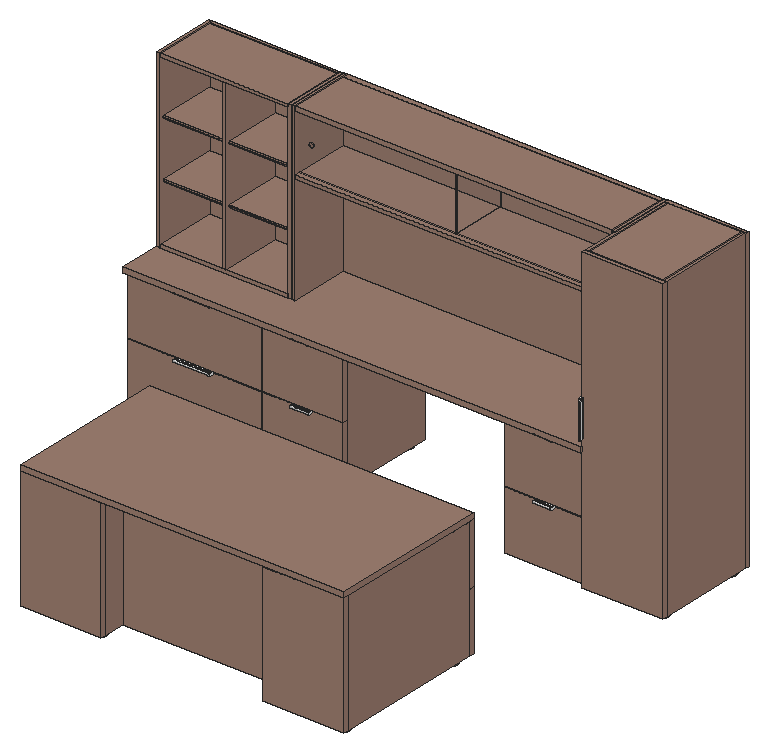
Revit family "APTOS TYPICAL APTOS001", category Furniture, Revit 2013 (continued)
Definition of nested family "APTOS WORKSURFACE HEIGHT MODULAR PEDESTAL FILE-FILE 15-18IN"
  Parameters (values of type "APTOS WORKSURFACE HEIGHT MODULAR PEDESTAL FILE-FILE 18W x 24D")
    Description = "APTOS WORKSURFACE HEIGHT MODULAR PEDESTAL FILE-FILE 18\" Width, 24\" Depth, Two File Drawers"
    Copyright © = "© OFS BRANDS 2017"
    Catalog = "APTOS http://ofsbrands.com/products/casegoods/private-office/aptos"
    Bottom Board Offset = 1 1/2"
    Board Thick Bot = 1"
    Board Thick Shelfs = 1"
    Board Thick Sides = 3/4"
    Board Thick Front = 3/4"
    Board Thick Back = 3/4"
    Authoring Version = "Autodesk Revit Architecture 2013"
    Assembly Code = "E2020200"
  Types (3): name | Width | Model | Description
    (no name) | 18" | "34-W1824MPD3" | "APTOS WORKSURFACE HEIGHT MODULAR PEDESTAL FILE-FILE 18\" Width, 24\" Depth, Two File Drawers"
    APTOS WORKSURFACE HEIGHT MODULAR PEDESTAL FILE-FILE 15W x 24D | 15" | "34-W1524MPD3" | "APTOS WORKSURFACE HEIGHT MODULAR PEDESTAL FILE-FILE 15\" Width, 24\" Depth, Two File Drawers"
    APTOS WORKSURFACE HEIGHT MODULAR PEDESTAL FILE-FILE 18W x 24D | 18" | "34-W1824MPD3" | "APTOS WORKSURFACE HEIGHT MODULAR PEDESTAL FILE-FILE 18\" Width, 24\" Depth, Two File Drawers"
  Reference planes (in)
    plane 1 "Center Front/Back": y = 0
    plane 2: z = 0
    plane 3 "Center Left/Right": x = 0
    plane 4 "Left End": x = -9
    plane 5 "Front End": y = -21.5
    plane 6 "Right End": x = 9
    plane 7 "Back End": y = 0
    plane 8: x = -8.25
    plane 9: x = 8.25
    plane 10: z = 14.6875
    plane 11: z = 15.6875
    plane 12: z = 1.5
    plane 13: z = 2.5
    plane 14: y = -20.75
    plane 15: y = -2
    plane 16: y = -2
    plane 17: y = -19.5
    plane 18: y = -19.5
    plane 19: x = -7
    plane 20: x = 7
    plane 21: x = 7
    plane 22: x = -7
    plane 23: y = -22.625
    plane 24: z = 14.8125
    plane 25: x = -2.0625
    plane 26: x = 2.0625
    plane 27: y = -0.75
    plane 28: z = 28.3125
    plane 29: z = 27.5625
  Forms (in)
    Extrusion 1, solid, material "OFS BRANDS APTOS Board Material" <- "Board Material"
      sketch origin (0, 0, 0) x (1, 0, 0) y (0, 1, 0)
        loop
          line (-9, 0) -> (-9, -21.5) -> (-8.25, -21.5) -> (-8.25, 0) -> (-9, 0)
      from 1.5 to 28.3125
    Extrusion 2, solid, material "OFS BRANDS APTOS Board Material" <- "Board Material"
      sketch origin (0, 0, 0) x (-1, 0, 0) y (0, -1, 0)
        loop
          line (-9, 0) -> (-8.25, 0) -> (-8.25, 21.5) -> (-9, 21.5) -> (-9, 0)
      from 1.5 to 28.3125
    Extrusion 3, solid, material "OFS BRANDS APTOS Board Material" <- "Board Material"
      sketch origin (0, 0, 0) x (1, 0, 0) y (0, 1, 0)
        loop
          line (-8.25, 0) -> (-8.25, -21.5) -> (8.25, -21.5) -> (8.25, 0) -> (-8.25, 0)
      from 1.5 to 2.5
    Revolve 4, solid, material "OFS BRANDS APTOS Leg Caps Material" <- "Leg Caps Material"
      sketch origin (0, -2, 0) x (-1, 0, 0) y (0, 0, 1)
        loop
          line (6, 0.28743) -> (6.5, 0.28743)
          arc (6.5, 0.28743) -> (6.35629, 0.14371) -> (6.5, 0) r 0.14371
          line (6.5, 0) -> (7, 0) -> (7, 1.5) -> (6, 1.5) -> (6, 0.28743)
        axis (7, 1.5) -> (7, 0)
      angle from 0 to 360
    Revolve 5, solid, material "OFS BRANDS APTOS Leg Caps Material" <- "Leg Caps Material"
      sketch origin (0, -2, 0) x (1, 0, 0) y (0, 0, -1)
        loop
          line (6, -0.28743) -> (6, -1.5) -> (7, -1.5) -> (7, 0) -> (6.5, 0)
          arc (6.5, 0) -> (6.35629, -0.14371) -> (6.5, -0.28743) r 0.14371
          line (6.5, -0.28743) -> (6, -0.28743)
        axis (7, -1.5) -> (7, 0)
      angle from 0 to 360
    Revolve 6, solid, material "OFS BRANDS APTOS Leg Caps Material" <- "Leg Caps Material"
      sketch origin (0, -19.5, 0) x (-1, 0, 0) y (0, 0, -1)
        loop
          line (6, -0.28743) -> (6, -1.5) -> (7, -1.5) -> (7, 0) -> (6.5, 0)
          arc (6.5, 0) -> (6.35629, -0.14371) -> (6.5, -0.28743) r 0.14371
          line (6.5, -0.28743) -> (6, -0.28743)
        axis (7, -1.5) -> (7, 0)
      angle from 0 to 360
    Revolve 7, solid, material "OFS BRANDS APTOS Leg Caps Material" <- "Leg Caps Material"
      sketch origin (0, -19.5, 0) x (1, 0, 0) y (0, 0, 1)
        loop
          line (6, 0.28743) -> (6.5, 0.28743)
          arc (6.5, 0.28743) -> (6.35629, 0.14371) -> (6.5, 0) r 0.14371
          line (6.5, 0) -> (7, 0) -> (7, 1.5) -> (6, 1.5) -> (6, 0.28743)
        axis (7, 1.5) -> (7, 0)
      angle from 0 to 360
    Extrusion 8, solid, material "OFS BRANDS APTOS Board Material" <- "Board Material"
      sketch origin (0, 27.875, 0) x (1, 0, 0) y (0, 1, 0)
        loop
          line (-8.25, -27.875) -> (-8.25, -28.625) -> (8.25, -28.625) -> (8.25, -27.875) -> (-8.25, -27.875)
      from 20.312 to 24.312
    Extrusion 9, solid, material "OFS BRANDS APTOS Board Material" <- "Board Material"
      sketch origin (0, 0, 0) x (1, 0, 0) y (0, 1, 0)
        loop
          line (9, -21.5) -> (-9, -21.5) -> (-9, -22.625) -> (9, -22.625) -> (9, -21.5)
      from 1.5 to 14.6875
    Extrusion 10, solid, material "OFS BRANDS APTOS Board Material" <- "Board Material"
      sketch origin (0, 0, 0) x (1, 0, 0) y (0, 1, 0)
        loop
          line (9, -21.5) -> (-9, -21.5) -> (-9, -22.625) -> (9, -22.625) -> (9, -21.5)
      from 14.8125 to 28.3125
    Extrusion 11, solid, material "OFS BRANDS APTOS Door Handle Material" <- "Door Handle Material"
      sketch origin (0, 7.01942, -2.70267) x (0, 1, 0) y (0, 0, 1)
        loop
          arc (-30.44863, 17.3872) -> (-30.63506, 17.20076) -> (-30.44863, 17.01433) r 0.18644
          arc (-30.44863, 17.01433) -> (-30.36853, 17.01913) -> (-30.28958, 17.03348) r 0.66994
          arc (-30.28958, 17.03348) -> (-30.06675, 17.06125) -> (-29.84329, 17.03915) r 1.01098
          arc (-29.84329, 17.03915) -> (-29.74439, 17.02301) -> (-29.64442, 17.01609) r 1.08212
          line (-29.64442, 17.01609) -> (-29.64442, 17.39017)
          arc (-29.64442, 17.39017) -> (-29.74475, 17.37561) -> (-29.84329, 17.35174) r 1.08374
          arc (-29.84329, 17.35174) -> (-30.06697, 17.32316) -> (-30.28958, 17.35914) r 0.78757
          arc (-30.28958, 17.35914) -> (-30.36779, 17.38063) -> (-30.44863, 17.3872) r 0.43385
      from -2.0625 to 2.0625
    Extrusion 12, solid, material "OFS BRANDS APTOS Board Material" <- "Board Material"
      sketch origin (0, 0.67064, 0) x (1, 0, 0) y (0, 1, 0)
        loop
          line (-8.25, -1.85814) -> (-8.25, -5.85814) -> (8.25, -5.85814) -> (8.25, -1.85814) -> (-8.25, -1.85814)
      from 28.3125 to 27.5625
    Extrusion 13, solid, material "OFS BRANDS APTOS Door Handle Material" <- "Door Handle Material"
      sketch origin (0, 7.01942, 3.84921) x (0, 1, 0) y (0, 0, 1)
        loop
          arc (-30.44863, 24.46032) -> (-30.63506, 24.27389) -> (-30.44863, 24.08745) r 0.18644
          arc (-30.44863, 24.08745) -> (-30.36853, 24.09226) -> (-30.28958, 24.1066) r 0.66994
          arc (-30.28958, 24.1066) -> (-30.06675, 24.13437) -> (-29.84329, 24.11227) r 1.01098
          arc (-29.84329, 24.11227) -> (-29.74439, 24.09613) -> (-29.64442, 24.08921) r 1.08212
          line (-29.64442, 24.08921) -> (-29.64442, 24.46329)
          arc (-29.64442, 24.46329) -> (-29.74475, 24.44873) -> (-29.84329, 24.42486) r 1.08374
          arc (-29.84329, 24.42486) -> (-30.06697, 24.39628) -> (-30.28958, 24.43226) r 0.78757
          arc (-30.28958, 24.43226) -> (-30.36779, 24.45376) -> (-30.44863, 24.46032) r 0.43385
      from -2.0625 to 2.0625
    Extrusion 14, solid, material "OFS BRANDS APTOS Board Material" <- "Board Material"
      sketch origin (0, -19.875, 0) x (1, 0, 0) y (0, 1, 0)
        loop
          line (-8.25, 4.75) -> (-8.25, 0.7511) -> (8.25, 0.7511) -> (8.25, 4.75) -> (-8.25, 4.75)
      from 28.3125 to 27.5625
    Extrusion 15, solid, material "OFS BRANDS APTOS Board Material" <- "Board Material"
      sketch origin (0, 27.875, -13.875) x (1, 0, 0) y (0, 1, 0)
        loop
          line (-8.25, -27.875) -> (-8.25, -28.625) -> (8.25, -28.625) -> (8.25, -27.875) -> (-8.25, -27.875)
      from 20.312 to 24.312
  Dimensions and locks (in)
    equal spacing: plane 4 "Left End", plane 3 "Center Left/Right", plane 6 "Right End"
    "Width": plane 4 "Left End" to plane 6 "Right End"
    "Height": plane 28 to level
    "Board Thick Sides": plane 4 "Left End" to plane 8
    "Board Thick Sides": plane 9 to plane 6 "Right End"
    "Board Thick Shelfs": plane 11 to plane 10
    "Board Thick Bot": plane 13 to plane 12
    "Bottom Board Offset": plane 12 to level
    "Board Thick Front": plane 14 to plane 5 "Front End"
    "Leg Offset": plane 17 to plane 5 "Front End"
    "Leg Offset": plane 18 to plane 5 "Front End"
    "Leg Offset": plane 15 to plane 7 "Back End"
    "Leg Offset": plane 16 to plane 7 "Back End"
    "Leg Offset": plane 4 "Left End" to plane 19
    "Leg Offset": plane 20 to plane 6 "Right End"
    "Leg Offset": plane 21 to plane 6 "Right End"
    "Leg Offset": plane 4 "Left End" to plane 22
    "Board Thick Door": plane 23 to plane 5 "Front End"
    "Shelf Height": plane 11 to plane 13
    "Drawer Gap": plane 24 to plane 10
    "Handle Lengh": plane 25 to plane 26
    "Board Thick Back": plane 27 to plane 1 "Center Front/Back"
    "Depth": plane 23 to plane 1 "Center Front/Back"
    equal spacing: plane 25, plane 3 "Center Left/Right", plane 26
    "Board Thick Top": plane 28 to plane 29
    aligned and locked: level to plane 2
    aligned and locked: plane 5 "Front End" to Extrusion 1 sketch curve
    aligned and locked: plane 4 "Left End" to Extrusion 1 sketch curve
    aligned and locked: Extrusion 1 sketch curve to plane 8
    aligned and locked: Extrusion 2 to plane 5 "Front End"
    aligned and locked: plane 9 to Extrusion 2
    aligned and locked: Extrusion 2 to plane 6 "Right End"
    aligned and locked: Extrusion 2 to plane 12
    aligned and locked: plane 9 to Extrusion 3 sketch curve
    aligned and locked: Extrusion 3 sketch curve to plane 8
    aligned and locked: Revolve 4 to plane 16
    aligned and locked: plane 15 to Revolve 5
    aligned and locked: Revolve 7 to plane 18
    aligned and locked: plane 17 to Revolve 6
    aligned and locked: plane 13 to Extrusion 3
    aligned and locked: Extrusion 3 to plane 12
    aligned and locked: Extrusion 9 to plane 12
    aligned and locked: Extrusion 9 to plane 6 "Right End"
    aligned and locked: Extrusion 10 to plane 6 "Right End"
    aligned and locked: plane 10 to Extrusion 9
    aligned and locked: Extrusion 10 to plane 24
    aligned and locked: Extrusion 11 to plane 26
    aligned and locked: Extrusion 11 to plane 25
    aligned and locked: Extrusion 8 to plane 27
    aligned and locked: Extrusion 8 to plane 1 "Center Front/Back"
    aligned and locked: Extrusion 1 to plane 12
    aligned and locked: Extrusion 10 to plane 4 "Left End"
    aligned and locked: Extrusion 9 to plane 4 "Left End"
    aligned and locked: plane 28 to Extrusion 2
    aligned and locked: plane 28 to Extrusion 1
    aligned and locked: plane 28 to Extrusion 10
    aligned and locked: plane 25 to Extrusion 13
    aligned and locked: Extrusion 13 to plane 26
    aligned and locked: Extrusion 1 to plane 7 "Back End"
    aligned and locked: Extrusion 2 to plane 7 "Back End"
    aligned and locked: Extrusion 3 to plane 7 "Back End"
    aligned and locked: Extrusion 8 to plane 8
    aligned and locked: Extrusion 8 to plane 9
  Automatic sketch dimensions
    plane 1 "Center Front/Back" to Extrusion 1 sketch curve = 0"
    Extrusion 2 sketch curve to plane 5 "Front End" = 0"
    Extrusion 2 sketch curve to plane 6 "Right End" = 0"
    Extrusion 2 sketch curve to plane 9 = 0"
    plane 1 "Center Front/Back" to Extrusion 2 sketch curve = 0"
    Extrusion 3 sketch curve to plane 5 "Front End" = 0"
    plane 1 "Center Front/Back" to Extrusion 3 sketch curve = 0"
    Revolve 4 sketch curve to plane 12 = 0"
    Revolve 4 sketch curve to level = 0"
    plane 19 to Revolve 4 sketch curve = 0"  (x2)
    level to Revolve 4 sketch curve = 0.28743"
    Revolve 4 sketch curve to plane 19 = 1/2"
    Revolve 4 sketch curve to Revolve 4 sketch curve = 1/2"  (x2)
    Revolve 4 sketch curve to Revolve 4 sketch curve = 0"
    level to Revolve 4 sketch curve = 0.14371"
    Revolve 4 sketch curve to plane 13 = 1/4"
    Revolve 5 sketch curve to plane 12 = 0"
    Revolve 5 sketch curve to level = 0"
    Revolve 5 sketch curve to plane 20 = 0"  (x2)
    level to Revolve 5 sketch curve = 0.28743"
    Revolve 5 sketch curve to Revolve 5 sketch curve = 1/2"  (x3)
    Revolve 5 sketch curve to Revolve 5 sketch curve = 0"  (x2)
    Revolve 5 sketch curve to plane 13 = 1/4"
    Revolve 6 sketch curve to plane 12 = 0"
    Revolve 6 sketch curve to level = 0"
    plane 19 to Revolve 6 sketch curve = 0"  (x2)
    level to Revolve 6 sketch curve = 0.28743"
    Revolve 6 sketch curve to plane 19 = 1/2"
    Revolve 6 sketch curve to Revolve 6 sketch curve = 1/2"  (x2)
    Revolve 6 sketch curve to Revolve 6 sketch curve = 0"  (x2)
    Revolve 6 sketch curve to plane 13 = 1/4"
    Revolve 7 sketch curve to plane 12 = 0"
    Revolve 7 sketch curve to level = 0"
    Revolve 7 sketch curve to plane 20 = 0"  (x2)
    level to Revolve 7 sketch curve = 0.28743"
    Revolve 7 sketch curve to Revolve 7 sketch curve = 1/2"  (x3)
    Revolve 7 sketch curve to Revolve 7 sketch curve = 0"
    level to Revolve 7 sketch curve = 0.14371"
    Revolve 7 sketch curve to plane 13 = 1/4"
    Extrusion 8 sketch curve to plane 8 = 0"
    Extrusion 8 sketch curve to plane 9 = 0"
    Extrusion 8 sketch curve to plane 27 = 0"
    plane 1 "Center Front/Back" to Extrusion 8 sketch curve = 0"
    Extrusion 9 sketch curve to plane 4 "Left End" = 0"
    Extrusion 9 sketch curve to plane 6 "Right End" = 0"
    plane 23 to Extrusion 9 sketch curve = 0"
    Extrusion 9 sketch curve to plane 5 "Front End" = 0"
    Extrusion 10 sketch curve to plane 4 "Left End" = 0"
    Extrusion 10 sketch curve to plane 6 "Right End" = 0"
    plane 23 to Extrusion 10 sketch curve = 0"
    Extrusion 10 sketch curve to plane 5 "Front End" = 0"
    Extrusion 11 sketch curve to plane 10 = 0"
    Extrusion 11 sketch curve to plane 23 = 0"
    Extrusion 11 sketch curve to plane 10 = 0.37408"
    plane 23 to Extrusion 11 sketch curve = 0.80421"
    Extrusion 11 sketch curve to Extrusion 11 sketch curve = 0.00546"
    Extrusion 11 sketch curve to plane 10 = 0.03103"
    Extrusion 11 sketch curve to Extrusion 11 sketch curve = 0.15905"  (x2)
    plane 23 to Extrusion 11 sketch curve = 0.4095"  (x2)
    Extrusion 11 sketch curve to plane 11 = 0.27955"
    Extrusion 11 sketch curve to plane 10 = 0.03843"
    plane 23 to Extrusion 11 sketch curve = 0.19887"
    Extrusion 11 sketch curve to plane 23 = 0.02468"
    Extrusion 11 sketch curve to plane 23 = 0.10528"
    Extrusion 11 sketch curve to Extrusion 11 sketch curve = 0.2612"
    Extrusion 11 sketch curve to Extrusion 11 sketch curve = 0.40575"
    Extrusion 11 sketch curve to Extrusion 11 sketch curve = 0.06095"
    Extrusion 11 sketch curve to Extrusion 11 sketch curve = 0"
    Extrusion 11 sketch curve to Extrusion 11 sketch curve = 0.01915"
    Extrusion 12 sketch curve to plane 8 = 0"
    Extrusion 12 sketch curve to plane 9 = 0"
    Extrusion 12 sketch curve to plane 15 = 3 3/16"
    Extrusion 12 sketch curve to plane 27 = 7/16"
    Extrusion 13 sketch curve to plane 23 = 0"
    Extrusion 13 sketch curve to plane 28 = 0"
    plane 23 to Extrusion 13 sketch curve = 0.80421"
    Extrusion 13 sketch curve to Extrusion 13 sketch curve = 0.00546"
    Extrusion 13 sketch curve to plane 28 = 0.03103"
    Extrusion 13 sketch curve to Extrusion 13 sketch curve = 0.15905"  (x2)
    plane 23 to Extrusion 13 sketch curve = 0.4095"  (x2)
    Extrusion 13 sketch curve to plane 28 = 0.03843"
    Extrusion 13 sketch curve to Extrusion 13 sketch curve = 0.19887"
    plane 23 to Extrusion 13 sketch curve = 0.19887"
    Extrusion 13 sketch curve to plane 23 = 0.02468"
    Extrusion 13 sketch curve to plane 23 = 0.10528"
    Extrusion 13 sketch curve to Extrusion 13 sketch curve = 0.37408"
    Extrusion 13 sketch curve to Extrusion 13 sketch curve = 0.2612"
    plane 29 to Extrusion 13 sketch curve = 0.31322"
    Extrusion 13 sketch curve to Extrusion 13 sketch curve = 0.06095"
    Extrusion 13 sketch curve to Extrusion 13 sketch curve = 0"
    Extrusion 13 sketch curve to Extrusion 13 sketch curve = 0.01915"
    Extrusion 14 sketch curve to plane 8 = 0"
    Extrusion 14 sketch curve to plane 9 = 0"
    Extrusion 14 sketch curve to plane 17 = 0.3761"
    Extrusion 14 sketch curve to Extrusion 14 sketch curve = 3.9989"
    Extrusion 15 sketch curve to plane 8 = 0"
    Extrusion 15 sketch curve to plane 9 = 0"
    Extrusion 15 sketch curve to plane 27 = 0"
    plane 1 "Center Front/Back" to Extrusion 15 sketch curve = 0"
Definition of nested family "APTOS WORKSURFACE HEIGHT MODULAR PEDESTAL FILE-FILE 30-36IN"
  Parameters (values of type "APTOS WORKSURFACE HEIGHT MODULAR PEDESTAL FILE-FILE 36W x 24D")
    Width = 36"
    URL = "http://ofsbrands.com"
    Shelf Height = 13 3/16"
    Handle Lengh = 8 1/8"
    Drawer Gap = 1/8"
    Door Handle Material = OFS BRANDS APTOS Door Handle Material
    Board Thick Top = 3/4"
    Board Thick Door = 1 1/8"
    Depth = 22 5/8"
    Board Material = OFS BRANDS APTOS Board Material
    Model = "34-W3624MPD3"
    Manufacturer = "OFS"
    Leg Caps Material = OFS BRANDS APTOS Leg Caps Material
    Leg Offset = 2"
    Height = 28 5/16"
    Description = "APTOS WORKSURFACE HEIGHT MODULAR PEDESTAL FILE-FILE 36\" Width, 24\" Depth, Two Lateral File Drawers"
    Copyright © = "© OFS BRANDS 2017"
    Catalog = "APTOS http://ofsbrands.com/products/casegoods/private-office/aptos"
    Bottom Board Offset = 1 1/2"
    Board Thick Bot = 1"
    Board Thick Shelfs = 1"
    Board Thick Sides = 3/4"
    Board Thick Front = 3/4"
    Board Thick Back = 3/4"
    Authoring Version = "Autodesk Revit Architecture 2013"
    Assembly Code = "E2020200"
  Types (3): name | Width | Model | Description
    (no name) | 36" | "34-W3624MPD3" | "APTOS WORKSURFACE HEIGHT MODULAR PEDESTAL FILE-FILE 36\" Width, 24\" Depth, Two Lateral File Drawers"
    APTOS WORKSURFACE HEIGHT MODULAR PEDESTAL FILE-FILE 30W x 24D | 30" | "34-W3024MPD3" | "APTOS WORKSURFACE HEIGHT MODULAR PEDESTAL FILE-FILE 30\" Width, 24\" Depth, Two File Drawers"
    APTOS WORKSURFACE HEIGHT MODULAR PEDESTAL FILE-FILE 36W x 24D | 36" | "34-W3624MPD3" | "APTOS WORKSURFACE HEIGHT MODULAR PEDESTAL FILE-FILE 36\" Width, 24\" Depth, Two Lateral File Drawers"
  Reference planes (in)
    plane 1 "Center Front/Back": y = 0
    plane 2: z = 0
    plane 3 "Center Left/Right": x = 0
    plane 4 "Left End": x = -18
    plane 5 "Front End": y = -21.5
    plane 6 "Right End": x = 18
    plane 7 "Back End": y = 0
    plane 8: x = -17.25
    plane 9: x = 17.25
    plane 10: z = 14.6875
    plane 11: z = 15.6875
    plane 12: z = 1.5
    plane 13: z = 2.5
    plane 14: y = -20.75
    plane 15: y = -2
    plane 16: y = -2
    plane 17: y = -19.5
    plane 18: y = -19.5
    plane 19: x = -16
    plane 20: x = 16
    plane 21: x = 16
    plane 22: x = -16
    plane 23: y = -22.625
    plane 24: z = 14.8125
    plane 25: x = -4.0625
    plane 26: x = 4.0625
    plane 27: y = -0.75
    plane 28: z = 28.3125
    plane 29: z = 27.5625
  Forms (in)
    Extrusion 1, solid, material "OFS BRANDS APTOS Board Material" <- "Board Material"
      sketch origin (0, 0, 0) x (1, 0, 0) y (0, 1, 0)
        loop
          line (-18, 0) -> (-18, -21.5) -> (-17.25, -21.5) -> (-17.25, 0) -> (-18, 0)
      from 1.5 to 28.3125
    Extrusion 2, solid, material "OFS BRANDS APTOS Board Material" <- "Board Material"
      sketch origin (0, 0, 0) x (-1, 0, 0) y (0, -1, 0)
        loop
          line (-18, 0) -> (-17.25, 0) -> (-17.25, 21.5) -> (-18, 21.5) -> (-18, 0)
      from 1.5 to 28.3125
    Extrusion 3, solid, material "OFS BRANDS APTOS Board Material" <- "Board Material"
      sketch origin (0, 0, 0) x (1, 0, 0) y (0, 1, 0)
        loop
          line (-17.25, 0) -> (-17.25, -21.5) -> (17.25, -21.5) -> (17.25, 0) -> (-17.25, 0)
      from 1.5 to 2.5
    Revolve 4, solid, material "OFS BRANDS APTOS Leg Caps Material" <- "Leg Caps Material"
      sketch origin (0, -2, 0) x (-1, 0, 0) y (0, 0, 1)
        loop
          line (15, 0.28743) -> (15.5, 0.28743)
          arc (15.5, 0.28743) -> (15.35629, 0.14371) -> (15.5, 0) r 0.14371
          line (15.5, 0) -> (16, 0) -> (16, 1.5) -> (15, 1.5) -> (15, 0.28743)
        axis (16, 1.5) -> (16, 0)
      angle from 0 to 360
    Revolve 5, solid, material "OFS BRANDS APTOS Leg Caps Material" <- "Leg Caps Material"
      sketch origin (0, -2, 0) x (1, 0, 0) y (0, 0, -1)
        loop
          line (15, -0.28743) -> (15, -1.5) -> (16, -1.5) -> (16, 0) -> (15.5, 0)
          arc (15.5, 0) -> (15.35629, -0.14371) -> (15.5, -0.28743) r 0.14371
          line (15.5, -0.28743) -> (15, -0.28743)
        axis (16, -1.5) -> (16, 0)
      angle from 0 to 360
    Revolve 6, solid, material "OFS BRANDS APTOS Leg Caps Material" <- "Leg Caps Material"
      sketch origin (0, -19.5, 0) x (-1, 0, 0) y (0, 0, -1)
        loop
          line (15, -0.28743) -> (15, -1.5) -> (16, -1.5) -> (16, 0) -> (15.5, 0)
          arc (15.5, 0) -> (15.35629, -0.14371) -> (15.5, -0.28743) r 0.14371
          line (15.5, -0.28743) -> (15, -0.28743)
        axis (16, -1.5) -> (16, 0)
      angle from 0 to 360
    Revolve 7, solid, material "OFS BRANDS APTOS Leg Caps Material" <- "Leg Caps Material"
      sketch origin (0, -19.5, 0) x (1, 0, 0) y (0, 0, 1)
        loop
          line (15, 0.28743) -> (15.5, 0.28743)
          arc (15.5, 0.28743) -> (15.35629, 0.14371) -> (15.5, 0) r 0.14371
          line (15.5, 0) -> (16, 0) -> (16, 1.5) -> (15, 1.5) -> (15, 0.28743)
        axis (16, 1.5) -> (16, 0)
      angle from 0 to 360
    Extrusion 8, solid, material "OFS BRANDS APTOS Board Material" <- "Board Material"
      sketch origin (0, 27.875, 0) x (1, 0, 0) y (0, 1, 0)
        loop
          line (-17.25, -27.875) -> (-17.25, -28.625) -> (17.25, -28.625) -> (17.25, -27.875) -> (-17.25, -27.875)
      from 20.312 to 24.312
    Extrusion 9, solid, material "OFS BRANDS APTOS Board Material" <- "Board Material"
      sketch origin (0, 0, 0) x (1, 0, 0) y (0, 1, 0)
        loop
          line (18, -21.5) -> (-18, -21.5) -> (-18, -22.625) -> (18, -22.625) -> (18, -21.5)
      from 1.5 to 14.6875
    Extrusion 10, solid, material "OFS BRANDS APTOS Board Material" <- "Board Material"
      sketch origin (0, 0, 0) x (1, 0, 0) y (0, 1, 0)
        loop
          line (18, -21.5) -> (-18, -21.5) -> (-18, -22.625) -> (18, -22.625) -> (18, -21.5)
      from 14.8125 to 28.3125
    Extrusion 11, solid, material "OFS BRANDS APTOS Door Handle Material" <- "Door Handle Material"
      sketch origin (0, 7.01942, -2.70267) x (0, 1, 0) y (0, 0, 1)
        loop
          arc (-30.44863, 17.3872) -> (-30.63506, 17.20076) -> (-30.44863, 17.01433) r 0.18644
          arc (-30.44863, 17.01433) -> (-30.36853, 17.01913) -> (-30.28958, 17.03348) r 0.66994
          arc (-30.28958, 17.03348) -> (-30.06675, 17.06125) -> (-29.84329, 17.03915) r 1.01098
          arc (-29.84329, 17.03915) -> (-29.74439, 17.02301) -> (-29.64442, 17.01609) r 1.08212
          line (-29.64442, 17.01609) -> (-29.64442, 17.39017)
          arc (-29.64442, 17.39017) -> (-29.74475, 17.37561) -> (-29.84329, 17.35174) r 1.08374
          arc (-29.84329, 17.35174) -> (-30.06697, 17.32316) -> (-30.28958, 17.35914) r 0.78757
          arc (-30.28958, 17.35914) -> (-30.36779, 17.38063) -> (-30.44863, 17.3872) r 0.43385
      from -4.0625 to 4.0625
    Extrusion 12, solid, material "OFS BRANDS APTOS Board Material" <- "Board Material"
      sketch origin (0, 0.67064, 0) x (1, 0, 0) y (0, 1, 0)
        loop
          line (-17.25, -1.85814) -> (-17.25, -5.85814) -> (17.25, -5.85814) -> (17.25, -1.85814) -> (-17.25, -1.85814)
      from 28.3125 to 27.5625
    Extrusion 13, solid, material "OFS BRANDS APTOS Door Handle Material" <- "Door Handle Material"
      sketch origin (0, 7.01942, 3.84921) x (0, 1, 0) y (0, 0, 1)
        loop
          arc (-30.44863, 24.46032) -> (-30.63506, 24.27389) -> (-30.44863, 24.08745) r 0.18644
          arc (-30.44863, 24.08745) -> (-30.36853, 24.09226) -> (-30.28958, 24.1066) r 0.66994
          arc (-30.28958, 24.1066) -> (-30.06675, 24.13437) -> (-29.84329, 24.11227) r 1.01098
          arc (-29.84329, 24.11227) -> (-29.74439, 24.09613) -> (-29.64442, 24.08921) r 1.08212
          line (-29.64442, 24.08921) -> (-29.64442, 24.46329)
          arc (-29.64442, 24.46329) -> (-29.74475, 24.44873) -> (-29.84329, 24.42486) r 1.08374
          arc (-29.84329, 24.42486) -> (-30.06697, 24.39628) -> (-30.28958, 24.43226) r 0.78757
          arc (-30.28958, 24.43226) -> (-30.36779, 24.45376) -> (-30.44863, 24.46032) r 0.43385
      from -4.0625 to 4.0625
    Extrusion 14, solid, material "OFS BRANDS APTOS Board Material" <- "Board Material"
      sketch origin (0, -19.875, 0) x (1, 0, 0) y (0, 1, 0)
        loop
          line (-17.25, 4.75) -> (-17.25, 0.7511) -> (17.25, 0.7511) -> (17.25, 4.75) -> (-17.25, 4.75)
      from 28.3125 to 27.5625
    Extrusion 15, solid, material "OFS BRANDS APTOS Board Material" <- "Board Material"
      sketch origin (0, 27.875, -13.875) x (1, 0, 0) y (0, 1, 0)
        loop
          line (-17.25, -27.875) -> (-17.25, -28.625) -> (17.25, -28.625) -> (17.25, -27.875) -> (-17.25, -27.875)
      from 20.312 to 24.312
  Dimensions and locks (in)
    equal spacing: plane 4 "Left End", plane 3 "Center Left/Right", plane 6 "Right End"
    "Width": plane 4 "Left End" to plane 6 "Right End"
    "Height": plane 28 to level
    "Board Thick Sides": plane 4 "Left End" to plane 8
    "Board Thick Sides": plane 9 to plane 6 "Right End"
    "Board Thick Shelfs": plane 11 to plane 10
    "Board Thick Bot": plane 13 to plane 12
    "Bottom Board Offset": plane 12 to level
    "Board Thick Front": plane 14 to plane 5 "Front End"
    "Leg Offset": plane 17 to plane 5 "Front End"
    "Leg Offset": plane 18 to plane 5 "Front End"
    "Leg Offset": plane 15 to plane 7 "Back End"
    "Leg Offset": plane 16 to plane 7 "Back End"
    "Leg Offset": plane 4 "Left End" to plane 19
    "Leg Offset": plane 20 to plane 6 "Right End"
    "Leg Offset": plane 21 to plane 6 "Right End"
    "Leg Offset": plane 4 "Left End" to plane 22
    "Board Thick Door": plane 23 to plane 5 "Front End"
    "Shelf Height": plane 11 to plane 13
    "Drawer Gap": plane 24 to plane 10
    "Handle Lengh": plane 25 to plane 26
    "Board Thick Back": plane 27 to plane 1 "Center Front/Back"
    "Depth": plane 23 to plane 1 "Center Front/Back"
    equal spacing: plane 25, plane 3 "Center Left/Right", plane 26
    "Board Thick Top": plane 28 to plane 29
    aligned and locked: level to plane 2
    aligned and locked: plane 5 "Front End" to Extrusion 1 sketch curve
    aligned and locked: plane 4 "Left End" to Extrusion 1 sketch curve
    aligned and locked: Extrusion 1 sketch curve to plane 8
    aligned and locked: Extrusion 2 to plane 5 "Front End"
    aligned and locked: plane 9 to Extrusion 2
    aligned and locked: Extrusion 2 to plane 6 "Right End"
    aligned and locked: plane 12 to Extrusion 2
    aligned and locked: plane 9 to Extrusion 3 sketch curve
    aligned and locked: Extrusion 3 sketch curve to plane 8
    aligned and locked: plane 16 to Revolve 4
    aligned and locked: Revolve 5 to plane 15
    aligned and locked: plane 18 to Revolve 7
    aligned and locked: Revolve 6 to plane 17
    aligned and locked: Extrusion 3 to plane 13
    aligned and locked: Extrusion 3 to plane 12
    aligned and locked: Extrusion 9 to plane 12
    aligned and locked: Extrusion 9 to plane 6 "Right End"
    aligned and locked: Extrusion 10 to plane 6 "Right End"
    aligned and locked: Extrusion 9 to plane 10
    aligned and locked: Extrusion 10 to plane 24
    aligned and locked: Extrusion 11 to plane 26
    aligned and locked: Extrusion 11 to plane 25
    aligned and locked: Extrusion 8 to plane 27
    aligned and locked: Extrusion 8 to plane 1 "Center Front/Back"
    aligned and locked: Extrusion 1 to plane 12
    aligned and locked: Extrusion 10 to plane 4 "Left End"
    aligned and locked: Extrusion 9 to plane 4 "Left End"
    aligned and locked: plane 28 to Extrusion 2
    aligned and locked: plane 28 to Extrusion 1
    aligned and locked: plane 28 to Extrusion 10
    aligned and locked: plane 25 to Extrusion 13
    aligned and locked: Extrusion 13 to plane 26
    aligned and locked: Extrusion 1 to plane 7 "Back End"
    aligned and locked: Extrusion 2 to plane 7 "Back End"
    aligned and locked: Extrusion 3 to plane 7 "Back End"
    aligned and locked: Extrusion 8 to plane 8
    aligned and locked: Extrusion 8 to plane 9
  Automatic sketch dimensions
    plane 1 "Center Front/Back" to Extrusion 1 sketch curve = 0"
    Extrusion 2 sketch curve to plane 5 "Front End" = 0"
    Extrusion 2 sketch curve to plane 6 "Right End" = 0"
    Extrusion 2 sketch curve to plane 9 = 0"
    plane 1 "Center Front/Back" to Extrusion 2 sketch curve = 0"
    Extrusion 3 sketch curve to plane 5 "Front End" = 0"
    plane 1 "Center Front/Back" to Extrusion 3 sketch curve = 0"
    Revolve 4 sketch curve to plane 12 = 0"
    Revolve 4 sketch curve to level = 0"
    plane 19 to Revolve 4 sketch curve = 0"  (x2)
    level to Revolve 4 sketch curve = 0.28743"
    Revolve 4 sketch curve to plane 19 = 1/2"
    Revolve 4 sketch curve to Revolve 4 sketch curve = 1/2"  (x2)
    Revolve 4 sketch curve to Revolve 4 sketch curve = 0"
    level to Revolve 4 sketch curve = 0.14371"
    Revolve 4 sketch curve to plane 13 = 1/4"
    Revolve 5 sketch curve to plane 12 = 0"
    Revolve 5 sketch curve to level = 0"
    Revolve 5 sketch curve to plane 20 = 0"  (x2)
    level to Revolve 5 sketch curve = 0.28743"
    Revolve 5 sketch curve to Revolve 5 sketch curve = 1/2"  (x3)
    Revolve 5 sketch curve to Revolve 5 sketch curve = 0"  (x2)
    Revolve 5 sketch curve to plane 13 = 1/4"
    Revolve 6 sketch curve to plane 12 = 0"
    Revolve 6 sketch curve to level = 0"
    plane 19 to Revolve 6 sketch curve = 0"  (x2)
    level to Revolve 6 sketch curve = 0.28743"
    Revolve 6 sketch curve to plane 19 = 1/2"
    Revolve 6 sketch curve to Revolve 6 sketch curve = 1/2"  (x2)
    Revolve 6 sketch curve to Revolve 6 sketch curve = 0"  (x2)
    Revolve 6 sketch curve to plane 13 = 1/4"
    Revolve 7 sketch curve to plane 12 = 0"
    Revolve 7 sketch curve to level = 0"
    Revolve 7 sketch curve to plane 20 = 0"  (x2)
    level to Revolve 7 sketch curve = 0.28743"
    Revolve 7 sketch curve to Revolve 7 sketch curve = 1/2"  (x3)
    Revolve 7 sketch curve to Revolve 7 sketch curve = 0"
    level to Revolve 7 sketch curve = 0.14371"
    Revolve 7 sketch curve to plane 13 = 1/4"
    Extrusion 8 sketch curve to plane 8 = 0"
    Extrusion 8 sketch curve to plane 9 = 0"
    Extrusion 8 sketch curve to plane 27 = 0"
    plane 1 "Center Front/Back" to Extrusion 8 sketch curve = 0"
    Extrusion 9 sketch curve to plane 4 "Left End" = 0"
    Extrusion 9 sketch curve to plane 6 "Right End" = 0"
    plane 23 to Extrusion 9 sketch curve = 0"
    Extrusion 9 sketch curve to plane 5 "Front End" = 0"
    Extrusion 10 sketch curve to plane 4 "Left End" = 0"
    Extrusion 10 sketch curve to plane 6 "Right End" = 0"
    plane 23 to Extrusion 10 sketch curve = 0"
    Extrusion 10 sketch curve to plane 5 "Front End" = 0"
    Extrusion 11 sketch curve to plane 10 = 0"
    Extrusion 11 sketch curve to plane 23 = 0"
    Extrusion 11 sketch curve to plane 10 = 0.37408"
    plane 23 to Extrusion 11 sketch curve = 0.80421"
    Extrusion 11 sketch curve to Extrusion 11 sketch curve = 0.00546"
    Extrusion 11 sketch curve to plane 10 = 0.03103"
    Extrusion 11 sketch curve to Extrusion 11 sketch curve = 0.15905"  (x2)
    plane 23 to Extrusion 11 sketch curve = 0.4095"  (x2)
    Extrusion 11 sketch curve to plane 11 = 0.27955"
    Extrusion 11 sketch curve to plane 10 = 0.03843"
    plane 23 to Extrusion 11 sketch curve = 0.19887"
    Extrusion 11 sketch curve to plane 23 = 0.02468"
    Extrusion 11 sketch curve to plane 23 = 0.10528"
    Extrusion 11 sketch curve to Extrusion 11 sketch curve = 0.2612"
    Extrusion 11 sketch curve to Extrusion 11 sketch curve = 0.40575"
    Extrusion 11 sketch curve to Extrusion 11 sketch curve = 0.06095"
    Extrusion 11 sketch curve to Extrusion 11 sketch curve = 0"
    Extrusion 11 sketch curve to Extrusion 11 sketch curve = 0.01915"
    Extrusion 12 sketch curve to plane 8 = 0"
    Extrusion 12 sketch curve to plane 9 = 0"
    Extrusion 12 sketch curve to plane 15 = 3 3/16"
    Extrusion 12 sketch curve to plane 27 = 7/16"
    Extrusion 13 sketch curve to plane 23 = 0"
    Extrusion 13 sketch curve to plane 28 = 0"
    plane 23 to Extrusion 13 sketch curve = 0.80421"
    Extrusion 13 sketch curve to Extrusion 13 sketch curve = 0.00546"
    Extrusion 13 sketch curve to plane 28 = 0.03103"
    Extrusion 13 sketch curve to Extrusion 13 sketch curve = 0.15905"  (x2)
    plane 23 to Extrusion 13 sketch curve = 0.4095"  (x2)
    Extrusion 13 sketch curve to plane 28 = 0.03843"
    Extrusion 13 sketch curve to Extrusion 13 sketch curve = 0.19887"
    plane 23 to Extrusion 13 sketch curve = 0.19887"
    Extrusion 13 sketch curve to plane 23 = 0.02468"
    Extrusion 13 sketch curve to plane 23 = 0.10528"
    Extrusion 13 sketch curve to Extrusion 13 sketch curve = 0.37408"
    Extrusion 13 sketch curve to Extrusion 13 sketch curve = 0.2612"
    plane 29 to Extrusion 13 sketch curve = 0.31322"
    Extrusion 13 sketch curve to Extrusion 13 sketch curve = 0.06095"
    Extrusion 13 sketch curve to Extrusion 13 sketch curve = 0"
    Extrusion 13 sketch curve to Extrusion 13 sketch curve = 0.01915"
    Extrusion 14 sketch curve to plane 8 = 0"
    Extrusion 14 sketch curve to plane 9 = 0"
    Extrusion 14 sketch curve to plane 17 = 0.3761"
    Extrusion 14 sketch curve to Extrusion 14 sketch curve = 3.9989"
    Extrusion 15 sketch curve to plane 8 = 0"
    Extrusion 15 sketch curve to plane 9 = 0"
    Extrusion 15 sketch curve to plane 27 = 0"
    plane 1 "Center Front/Back" to Extrusion 15 sketch curve = 0"
Definition of nested family "APTOS OPEN WORKSURFACE CABINET Center Divider Four Shelves"
  Parameters (values of type "APTOS OPEN WORKSURFACE CABINET Center Divider Four Shelves, 24" Wide")
    Width = 24"
    URL = "http://ofsbrands.com"
    Shelf Height = 13 3/16"
    Board Thick Door = 1 1/8"
    Depth = 14 1/2"
    Board Material = OFS BRANDS APTOS Board Material
    Model = "34-2439DS15"
    Manufacturer = "OFS"
    Leg Offset = 2"
    Board Thick Internal = 3/4"
    Height = 38 3/4"
    Description = "OFS BRANDS OFS APTOS OPEN WORKSURFACE CABINET Center Divider Four Shelves, 24\" WIde"
    Copyright © = "© OFS BRANDS 2017"
    Catalog = "APTOS http://ofsbrands.com/products/casegoods/private-office/aptos"
    Bottom Board Offset = 29 1/2"
    Board Thick Top and Bot = 3/4"
    Board Thick Shelfs = 7/8"
    Board Thick Sides = 3/4"
    Board Thick Front = 3/4"
    Board Thick Back = 3/4"
    Authoring Version = "Autodesk Revit Architecture 2013"
    Assembly Code = "E2020200"
  Types (4): name | Width | Model | Description
    (no name) | 24" | "34-2439DS15" | "OFS BRANDS OFS APTOS OPEN WORKSURFACE CABINET Center Divider Four Shelves, 24\" WIde"
    APTOS OPEN WORKSURFACE CABINET Center Divider Four Shelves, 24" Wide | 24" | "34-2439DS15" | "OFS BRANDS OFS APTOS OPEN WORKSURFACE CABINET Center Divider Four Shelves, 24\" WIde"
    APTOS OPEN WORKSURFACE CABINET Center Divider Four Shelves, 30" Wide | 30" | "34-3039DS15" | "OFS BRANDS OFS APTOS OPEN WORKSURFACE CABINET Center Divider Four Shelves, 30\" WIde"
    APTOS OPEN WORKSURFACE CABINET Center Divider Four Shelves, 36" Wide | 36" | "34-3639DS15" | "OFS BRANDS OFS APTOS OPEN WORKSURFACE CABINET Center Divider Four Shelves, 36\" WIde"
  Reference planes (in)
    plane 1 "Center Front/Back": y = 0
    plane 2: z = 0
    plane 3 "Center Left/Right": x = 0
    plane 4 "Left End": x = -12
    plane 5 "Front End": y = -14.5
    plane 6 "Right End": x = 12
    plane 7 "Back End": y = 0
    plane 8 "Height Top": z = 68.25
    plane 9: x = -11.25
    plane 10: x = 11.25
    plane 11: z = 42.04167
    plane 12: z = 42.91667
    plane 13: z = 67.5
    plane 14: z = 29.5
    plane 15: z = 30.25
    plane 16: y = -13.75
    plane 17: y = -2
    plane 18: y = -2
    plane 19: y = -12.5
    plane 20: y = -12.5
    plane 21: x = -10
    plane 22: x = 10
    plane 23: x = 10
    plane 24: x = -10
    plane 25: x = -0.375
    plane 26: x = 0.375
    plane 27: y = -12
    plane 28: y = -0.75
    plane 29: z = 54.70833
    plane 30: z = 55.58333
  Forms (in)
    Extrusion 1, solid, material "OFS BRANDS APTOS Board Material" <- "Board Material"
      sketch origin (0, 0, 0) x (1, 0, 0) y (0, 1, 0)
        loop
          line (-12, 0) -> (-12, -14.5) -> (-11.25, -14.5) -> (-11.25, 0) -> (-12, 0)
      from 29.5 to 68.25
    Extrusion 2, solid, material "OFS BRANDS APTOS Board Material" <- "Board Material"
      sketch origin (0, 0, 0) x (-1, 0, 0) y (0, -1, 0)
        loop
          line (-12, 0) -> (-11.25, 0) -> (-11.25, 14.5) -> (-12, 14.5) -> (-12, 0)
      from 29.5 to 68.25
    Extrusion 3, solid, material "OFS BRANDS APTOS Board Material" <- "Board Material"
      sketch origin (0, 0, 0) x (1, 0, 0) y (0, 1, 0)
        loop
          line (-11.25, 0) -> (-11.25, -14.5) -> (11.25, -14.5) -> (11.25, 0) -> (-11.25, 0)
      from 29.5 to 30.25
    Extrusion 4, solid, material "OFS BRANDS APTOS Board Material" <- "Board Material"
      sketch origin (0, 0, 0) x (1, 0, 0) y (0, 1, 0)
        loop
          line (-11.25, -0.75) -> (-11.25, -14.5) -> (11.25, -14.5) -> (11.25, -0.75) -> (-11.25, -0.75)
      from 67.5 to 68.25
    Extrusion 5, solid, material "OFS BRANDS APTOS Board Material" <- "Board Material"
      sketch origin (0, 0, 0) x (1, 0, 0) y (0, 1, 0)
        loop
          line (-0.375, -0.75) -> (-0.375, -14.5) -> (0.375, -14.5) -> (0.375, -0.75) -> (-0.375, -0.75)
      from 30.25 to 67.5
    Extrusion 6, solid, material "OFS BRANDS APTOS Board Material" <- "Board Material"
      sketch origin (0, 27.875, 0) x (1, 0, 0) y (0, 1, 0)
        loop
          line (-11.25, -27.875) -> (-11.25, -28.625) -> (11.25, -28.625) -> (11.25, -27.875) -> (-11.25, -27.875)
      from 30.25 to 68.25
    Extrusion 7, solid, material "OFS BRANDS APTOS Board Material" <- "Board Material"
      sketch origin (0, 0, 5.22917) x (0, 1, 0) y (0, 0, 1)
        loop
          line (-0.75, 37.6875) -> (-13.75, 37.6875) -> (-13.75, 37.3125) -> (-13.25, 36.8125) -> (-0.75, 36.8125) -> (-0.75, 37.6875)
      from -11.25 to -0.375
    Extrusion 8, solid, material "OFS BRANDS APTOS Board Material" <- "Board Material"
      sketch origin (0, 0, 5.22917) x (0, 1, 0) y (0, 0, 1)
        loop
          line (-0.75, 37.6875) -> (-13.75, 37.6875) -> (-13.75, 37.3125) -> (-13.25, 36.8125) -> (-0.75, 36.8125) -> (-0.75, 37.6875)
      from 0.375 to 11.25
    Extrusion 9, solid, material "OFS BRANDS APTOS Board Material" <- "Board Material"
      sketch origin (0, 0, 23.64583) x (0, 1, 0) y (0, 0, 1)
        loop
          line (-0.75, 31.9375) -> (-13.75, 31.9375) -> (-13.75, 31.5625) -> (-13.25, 31.0625) -> (-0.75, 31.0625) -> (-0.75, 31.9375)
      from -11.25 to -0.375
    Extrusion 10, solid, material "OFS BRANDS APTOS Board Material" <- "Board Material"
      sketch origin (0, 0, 23.64583) x (0, 1, 0) y (0, 0, 1)
        loop
          line (-0.75, 31.9375) -> (-13.75, 31.9375) -> (-13.75, 31.5625) -> (-13.25, 31.0625) -> (-0.75, 31.0625) -> (-0.75, 31.9375)
      from 0.375 to 11.25
  Dimensions and locks (in)
    equal spacing: plane 4 "Left End", plane 3 "Center Left/Right", plane 6 "Right End"
    "Width": plane 4 "Left End" to plane 6 "Right End"
    "Height": plane 8 "Height Top" to plane 14
    "Board Thick Sides": plane 4 "Left End" to plane 9
    "Board Thick Sides": plane 10 to plane 6 "Right End"
    "Board Thick Top and Bot": plane 8 "Height Top" to plane 13
    "Board Thick Shelfs": plane 12 to plane 11
    "Board Thick Top and Bot": plane 15 to plane 14
    "Bottom Board Offset": plane 14 to level
    "Board Thick Front": plane 16 to plane 5 "Front End"
    "Leg Offset": plane 19 to plane 5 "Front End"
    "Leg Offset": plane 20 to plane 5 "Front End"
    "Leg Offset": plane 17 to plane 7 "Back End"
    "Leg Offset": plane 18 to plane 7 "Back End"
    "Leg Offset": plane 4 "Left End" to plane 21
    "Leg Offset": plane 22 to plane 6 "Right End"
    "Leg Offset": plane 23 to plane 6 "Right End"
    "Leg Offset": plane 4 "Left End" to plane 24
    "Board Thick Internal": plane 25 to plane 26
    "Board Thick Back": plane 28 to plane 1 "Center Front/Back"
    "Depth": plane 5 "Front End" to plane 1 "Center Front/Back"
    equal spacing: plane 25, plane 3 "Center Left/Right", plane 26
    "Board Thick Shelfs": plane 30 to plane 29
    equal spacing: plane 8 "Height Top", plane 30, plane 12, plane 15
    aligned and locked: level to plane 2
    aligned and locked: plane 5 "Front End" to Extrusion 1 sketch curve
    aligned and locked: plane 4 "Left End" to Extrusion 1 sketch curve
    aligned and locked: Extrusion 1 sketch curve to plane 9
    aligned and locked: Extrusion 2 to plane 5 "Front End"
    aligned and locked: plane 10 to Extrusion 2
    aligned and locked: Extrusion 2 to plane 6 "Right End"
    aligned and locked: Extrusion 2 to plane 14
    aligned and locked: plane 10 to Extrusion 3 sketch curve
    aligned and locked: plane 9 to Extrusion 3 sketch curve
    aligned and locked: Extrusion 5 sketch curve to plane 25
    aligned and locked: plane 26 to Extrusion 5 sketch curve
    aligned and locked: Extrusion 5 to plane 5 "Front End"
    aligned and locked: plane 12 to Extrusion 7
    aligned and locked: Extrusion 7 to plane 11
    aligned and locked: plane 16 to Extrusion 7
    aligned and locked: plane 15 to Extrusion 3
    aligned and locked: Extrusion 3 to plane 14
    aligned and locked: Extrusion 5 to plane 15
    aligned and locked: plane 13 to Extrusion 5
    aligned and locked: plane 8 "Height Top" to Extrusion 4
    aligned and locked: Extrusion 4 to plane 13
    aligned and locked: Extrusion 7 to plane 9
    aligned and locked: Extrusion 7 to plane 25
    aligned and locked: Extrusion 8 to plane 10
    aligned and locked: Extrusion 8 sketch curve to plane 12
    aligned and locked: plane 11 to Extrusion 8 sketch curve
    aligned and locked: Extrusion 8 sketch curve to plane 16
    aligned and locked: plane 26 to Extrusion 8
    aligned and locked: Extrusion 6 to plane 28
    aligned and locked: Extrusion 6 to plane 1 "Center Front/Back"
    aligned and locked: Extrusion 1 to plane 1 "Center Front/Back"
    aligned and locked: Extrusion 2 to plane 1 "Center Front/Back"
    aligned and locked: Extrusion 3 to plane 1 "Center Front/Back"
    aligned and locked: plane 28 to Extrusion 8
    aligned and locked: plane 28 to Extrusion 7
    aligned and locked: plane 28 to Extrusion 5
    aligned and locked: Extrusion 1 to plane 14
    aligned and locked: plane 30 to Extrusion 9
    aligned and locked: Extrusion 9 to plane 29
    aligned and locked: Extrusion 10 sketch curve to plane 30
    aligned and locked: plane 29 to Extrusion 10 sketch curve
    aligned and locked: Extrusion 4 to plane 5 "Front End"
    aligned and locked: plane 25 to Extrusion 9
    aligned and locked: plane 26 to Extrusion 10
    aligned and locked: Extrusion 10 to plane 10
    aligned and locked: Extrusion 9 to plane 9
    aligned and locked: Extrusion 6 to plane 9
    aligned and locked: Extrusion 6 to plane 10
    aligned and locked: Extrusion 6 to plane 15
    aligned and locked: Extrusion 4 to plane 9
    aligned and locked: Extrusion 4 to plane 10
    aligned and locked: plane 8 "Height Top" to Extrusion 6
    aligned and locked: plane 8 "Height Top" to Extrusion 2
    aligned and locked: plane 8 "Height Top" to Extrusion 1
    aligned and locked: plane 28 to Extrusion 4
  Automatic sketch dimensions
    plane 1 "Center Front/Back" to Extrusion 1 sketch curve = 0"
    Extrusion 2 sketch curve to plane 5 "Front End" = 0"
    Extrusion 2 sketch curve to plane 6 "Right End" = 0"
    Extrusion 2 sketch curve to plane 10 = 0"
    plane 1 "Center Front/Back" to Extrusion 2 sketch curve = 0"
    Extrusion 3 sketch curve to plane 5 "Front End" = 0"
    plane 1 "Center Front/Back" to Extrusion 3 sketch curve = 0"
    plane 4 "Left End" to Extrusion 4 sketch curve = 3/4"
    plane 6 "Right End" to Extrusion 4 sketch curve = 3/4"
    plane 27 to Extrusion 4 sketch curve = 2 1/2"
    plane 1 "Center Front/Back" to Extrusion 4 sketch curve = 3/4"
    Extrusion 5 sketch curve to plane 5 "Front End" = 0"
    Extrusion 5 sketch curve to plane 28 = 0"
    plane 4 "Left End" to Extrusion 6 sketch curve = 3/4"
    plane 6 "Right End" to Extrusion 6 sketch curve = 3/4"
    Extrusion 6 sketch curve to plane 28 = 0"
    plane 1 "Center Front/Back" to Extrusion 6 sketch curve = 0"
    Extrusion 7 sketch curve to plane 12 = 0"
    Extrusion 7 sketch curve to plane 16 = 0"
    Extrusion 7 sketch curve to plane 11 = 0"
    Extrusion 7 sketch curve to plane 28 = 0"
    plane 11 to Extrusion 7 sketch curve = 1/2"
    Extrusion 7 sketch curve to plane 16 = 1/2"
    Extrusion 8 sketch curve to plane 28 = 0"
    plane 11 to Extrusion 8 sketch curve = 1/2"
    Extrusion 8 sketch curve to plane 16 = 1/2"
    Extrusion 9 sketch curve to plane 16 = 0"
    Extrusion 9 sketch curve to plane 29 = 0"
    Extrusion 9 sketch curve to plane 28 = 0"
    Extrusion 9 sketch curve to plane 30 = 0"
    Extrusion 9 sketch curve to plane 16 = 1/2"
    plane 29 to Extrusion 9 sketch curve = 1/2"
    Extrusion 10 sketch curve to plane 16 = 0"
    Extrusion 10 sketch curve to plane 28 = 0"
    plane 29 to Extrusion 10 sketch curve = 1/2"
    Extrusion 10 sketch curve to plane 16 = 1/2"
Definition of nested family "APTOS TALL STORAGE WITH HINGED DOOR 24IN DEPTH"
  Parameters (values of type "APTOS TALL STORAGE WITH HINGED DOOR 36" Wide 24" Planning Depth Double Hinged Door")
    Width = 36"
    URL = "http://ofsbrands.com"
    Right Hinged = no
    Left Hinged = no
    Handle Lengh = 8 1/4"
    Door Handle Material = OFS BRANDS APTOS Door Handle Material
    Board Thick Door = 1 1/8"
    Depth = 23 7/8"
    Board Material = OFS BRANDS APTOS Board Material
    Model = "34-3668SC1"
    Manufacturer = "OFS"
    Leg Caps Material = OFS BRANDS APTOS Leg Caps Material
    Leg Offset = 2"
    Board Thick Internal = 3/4"
    Height = 68 1/4"
    Description = "OFS BRANDS OFS APTOS TALL STORAGE WITH HINGED DOOR 36\" Wide 24\" Planning Depth Double Hinged Door Optional Pull, Coat Hook or Hang Rod,Three Adjustable 1\" Thick Shelves with Beveled Edge and One Fixed Shelf per Section"
    Copyright © = "© OFS BRANDS 2017"
    Catalog = "APTOS http://ofsbrands.com/products/casegoods/private-office/aptos"
    Bottom Board Offset = 1 1/2"
    Board Thick Top and Bot = 1"
    Board Thick Shelfs = 1"
    Board Thick Sides = 3/4"
    Board Thick Front = 3/4"
    Board Thick Back = 3/4"
    Authoring Version = "Autodesk Revit Architecture 2013"
    Assembly Code = "E2020200"
    2 Doors = yes
    1 Door = no
  Types (8): name | Width | Right Hinged | Left Hinged | Model | Description | 2 Doors | 1 Door
    (no name) | 36" | no | no | "34-3668SC1" | "OFS BRANDS OFS APTOS TALL STORAGE WITH HINGED DOOR 36\" Wide 24\" Planning Depth Double Hinged Door Optional Pull, Coat Hook or Hang Rod,Three Adjustable 1\" Thick Shelves with Beveled Edge and One Fixed Shelf per Section" | yes | no
    APTOS TALL STORAGE WITH HINGED DOOR 36" Wide 24" Planning Depth Double Hinged Door | 36" | no | no | "34-3668SC1" | "OFS BRANDS OFS APTOS TALL STORAGE WITH HINGED DOOR 36\" Wide 24\" Planning Depth Double Hinged Door Optional Pull, Coat Hook or Hang Rod,Three Adjustable 1\" Thick Shelves with Beveled Edge and One Fixed Shelf per Section" | yes | no
    APTOS TALL STORAGE WITH HINGED DOOR 30" Wide 24" Planning Depth Double Hinged Door | 30" | no | no | "34-3068SC1" | "OFS BRANDS OFS APTOS TALL STORAGE WITH HINGED DOOR 30\" Wide 24\" Planning Depth Double Hinged Door Optional Pull, Coat Hook or Hang Rod,Three Adjustable 1\" Thick Shelves with Beveled Edge and One Fixed Shelf per Section" | yes | no
    APTOS TALL STORAGE WITH HINGED DOOR 24" Wide 24" Planning Depth Double Hinged Door | 24" | no | no | "34-2468SC1" | "OFS BRANDS OFS APTOS TALL STORAGE WITH HINGED DOOR 24\" Wide 24\" Planning Depth Double Hinged Door Optional Pull, Coat Hook or Hang Rod,Three Adjustable 1\" Thick Shelves with Beveled Edge and One Fixed Shelf per Section" | yes | no
    APTOS TALL STORAGE WITH HINGED DOOR 18" Wide 24" Planning Depth Single Hinged Door Left | 18" | no | yes | "34-1868LSC1" | "OFS BRANDS OFS APTOS TALL STORAGE WITH HINGED DOOR 18\" Wide 24\" Planning Depth Single Hinged Door Left Optional Pull, Coat Hook or Hang Rod,Three Adjustable 1\" Thick Shelves with Beveled Edge and One Fixed Shelf per Section" | no | yes
    APTOS TALL STORAGE WITH HINGED DOOR 18" Wide 24" Planning Depth Single Hinged Door Right | 18" | yes | no | "34-1868RSC1" | "OFS BRANDS OFS APTOS TALL STORAGE WITH HINGED DOOR 18\" Wide 24\" Planning Depth Single Hinged Door Right Optional Pull, Coat Hook or Hang Rod,Three Adjustable 1\" Thick Shelves with Beveled Edge and One Fixed Shelf per Section" | no | yes
    APTOS TALL STORAGE WITH HINGED DOOR 12" Wide 24" Planning Depth Single Hinged Door Left | 12" | no | yes | "34-1268LSC1" | "OFS BRANDS OFS APTOS TALL STORAGE WITH HINGED DOOR 12\" Wide 24\" Planning Depth Single Hinged Door Left Optional Pull, Coat Hook or Hang Rod,Three Adjustable 1\" Thick Shelves with Beveled Edge and One Fixed Shelf per Section" | no | yes
    APTOS TALL STORAGE WITH HINGED DOOR 12" Wide 24" Planning Depth Single Hinged Door Right | 12" | yes | no | "34-1268RSC1" | "OFS BRANDS OFS APTOS TALL STORAGE WITH HINGED DOOR 12\" Wide 24\" Planning Depth Single Hinged Door Right Optional Pull, Coat Hook or Hang Rod,Three Adjustable 1\" Thick Shelves with Beveled Edge and One Fixed Shelf per Section" | no | yes
  Reference planes (in)
    plane 1 "Center Front/Back": y = 0
    plane 2: z = 0
    plane 3 "Center Left/Right": x = 0
    plane 4 "Left End": x = -18
    plane 5 "Front End": y = -22.75
    plane 6 "Right End": x = 18
    plane 7 "Back End": y = 0
    plane 8 "Height Top": z = 68.25
    plane 9: x = -17.25
    plane 10: x = 17.25
    plane 11: z = 14.65
    plane 12: z = 15.65
    plane 13: z = 67.25
    plane 14: z = 1.5
    plane 15: z = 2.5
    plane 16: y = -22
    plane 17: y = -2
    plane 18: y = -2
    plane 19: y = -20.75
    plane 20: y = -20.75
    plane 21: x = -16
    plane 22: x = 16
    plane 23: x = 16
    plane 24: x = -16
    plane 25: x = -0.375
    plane 26: x = 0.375
    plane 27: y = -23.875
    plane 28: y = -0.75
    plane 29: z = 27.8
    plane 30: z = 28.8
    plane 31: z = 40.95
    plane 32: z = 41.95
    plane 33: z = 54.1
    plane 34: z = 55.1
    plane 35: x = -0.125
    plane 36: x = 0.125
  Forms (in)
    Extrusion 1, solid, material "OFS BRANDS APTOS Board Material" <- "Board Material"
      sketch origin (0, 0, 0) x (1, 0, 0) y (0, 1, 0)
        loop
          line (-18, -0.75) -> (-18, -22.75) -> (-17.25, -22.75) -> (-17.25, -0.75) -> (-18, -0.75)
      from 1.5 to 68.25
    Extrusion 2, solid, material "OFS BRANDS APTOS Board Material" <- "Board Material"
      sketch origin (0, 0, 0) x (-1, 0, 0) y (0, -1, 0)
        loop
          line (-18, 0.75) -> (-17.25, 0.75) -> (-17.25, 22.75) -> (-18, 22.75) -> (-18, 0.75)
      from 1.5 to 68.25
    Extrusion 3, solid, material "OFS BRANDS APTOS Board Material" <- "Board Material"
      sketch origin (0, 0, 0) x (1, 0, 0) y (0, 1, 0)
        loop
          line (-17.25, -0.75) -> (-17.25, -22.75) -> (17.25, -22.75) -> (17.25, -0.75) -> (-17.25, -0.75)
      from 1.5 to 2.5
    Extrusion 4, solid, material "OFS BRANDS APTOS Board Material" <- "Board Material"
      sketch origin (0, 0, 0) x (1, 0, 0) y (0, 1, 0)
        loop
          line (-17.25, -0.75) -> (-17.25, -22.75) -> (17.25, -22.75) -> (17.25, -0.75) -> (-17.25, -0.75)
      from 67.25 to 68.25
    Revolve 5, solid, material "OFS BRANDS APTOS Leg Caps Material" <- "Leg Caps Material"
      sketch origin (0, -2, 0) x (-1, 0, 0) y (0, 0, 1)
        loop
          line (15, 0.28743) -> (15.5, 0.28743)
          arc (15.5, 0.28743) -> (15.35629, 0.14371) -> (15.5, 0) r 0.14371
          line (15.5, 0) -> (16, 0) -> (16, 1.5) -> (15, 1.5) -> (15, 0.28743)
        axis (16, 1.5) -> (16, 0)
      angle from 0 to 360
    Revolve 6, solid, material "OFS BRANDS APTOS Leg Caps Material" <- "Leg Caps Material"
      sketch origin (0, -2, 0) x (1, 0, 0) y (0, 0, -1)
        loop
          line (15, -0.28743) -> (15, -1.5) -> (16, -1.5) -> (16, 0) -> (15.5, 0)
          arc (15.5, 0) -> (15.35629, -0.14371) -> (15.5, -0.28743) r 0.14371
          line (15.5, -0.28743) -> (15, -0.28743)
        axis (16, -1.5) -> (16, 0)
      angle from 0 to 360
    Revolve 7, solid, material "OFS BRANDS APTOS Leg Caps Material" <- "Leg Caps Material"
      sketch origin (0, -20.75, 0) x (-1, 0, 0) y (0, 0, -1)
        loop
          line (15, -0.28743) -> (15, -1.5) -> (16, -1.5) -> (16, 0) -> (15.5, 0)
          arc (15.5, 0) -> (15.35629, -0.14371) -> (15.5, -0.28743) r 0.14371
          line (15.5, -0.28743) -> (15, -0.28743)
        axis (16, -1.5) -> (16, 0)
      angle from 0 to 360
    Revolve 8, solid, material "OFS BRANDS APTOS Leg Caps Material" <- "Leg Caps Material"
      sketch origin (0, -20.75, 0) x (1, 0, 0) y (0, 0, 1)
        loop
          line (15, 0.28743) -> (15.5, 0.28743)
          arc (15.5, 0.28743) -> (15.35629, 0.14371) -> (15.5, 0) r 0.14371
          line (15.5, 0) -> (16, 0) -> (16, 1.5) -> (15, 1.5) -> (15, 0.28743)
        axis (16, 1.5) -> (16, 0)
      angle from 0 to 360
    Extrusion 9, solid, material "OFS BRANDS APTOS Board Material" <- "Board Material", visible <- "2 Doors"
      sketch origin (0, 0, 0) x (1, 0, 0) y (0, 1, 0)
        loop
          line (-0.375, -0.75) -> (-0.375, -22.75) -> (0.375, -22.75) -> (0.375, -0.75) -> (-0.375, -0.75)
      from 2.5 to 67.25
    Extrusion 10, solid, material "OFS BRANDS APTOS Board Material" <- "Board Material", visible <- "2 Doors"
      sketch origin (0, 0, 0) x (1, 0, 0) y (0, 1, 0)
        loop
          line (-0.125, -22.75) -> (-18, -22.75) -> (-18, -23.875) -> (-0.125, -23.875) -> (-0.125, -22.75)
      from 1.5 to 68.25
    Extrusion 11, solid, material "OFS BRANDS APTOS Board Material" <- "Board Material"
      sketch origin (0, 27.875, 0) x (1, 0, 0) y (0, 1, 0)
        loop
          line (-18, -27.875) -> (-18, -28.625) -> (18, -28.625) -> (18, -27.875) -> (-18, -27.875)
      from 1.5 to 68.25
    Extrusion 12, solid, material "OFS BRANDS APTOS Board Material" <- "Board Material", visible <- "2 Doors"
      sketch origin (0, 0, 0) x (1, 0, 0) y (0, 1, 0)
        loop
          line (18, -22.75) -> (0.125, -22.75) -> (0.125, -23.875) -> (18, -23.875) -> (18, -22.75)
      from 1.5 to 68.25
    Extrusion 13, solid, material "OFS BRANDS APTOS Door Handle Material" <- "Door Handle Material", visible <- "2 Doors"
      sketch origin (-1.15749, -3, 0) x (1, 0, 0) y (0, 1, 0)
        loop
          arc (1.27755, -21.67707) -> (1.46398, -21.8635) -> (1.65042, -21.67707) r 0.18644
          arc (1.65042, -21.67707) -> (1.63824, -21.56084) -> (1.60223, -21.44966) r 0.56062
          arc (1.60223, -21.44966) -> (1.56017, -21.1973) -> (1.64547, -20.95609) r 0.512
          line (1.64547, -20.95609) -> (1.64547, -20.875) -> (1.28249, -20.875) -> (1.28249, -20.95609)
          arc (1.28249, -20.95609) -> (1.36779, -21.1973) -> (1.32574, -21.44966) r 0.512
          arc (1.32574, -21.44966) -> (1.28973, -21.56084) -> (1.27755, -21.67707) r 0.56062
      from 31.17725 to 39.4335
    Extrusion 14, solid, material "OFS BRANDS APTOS Door Handle Material" <- "Door Handle Material", visible <- "2 Doors"
      sketch origin (1.15749, -3, 0) x (-1, 0, 0) y (0, -1, 0)
        loop
          arc (1.27755, 21.67707) -> (1.28973, 21.56084) -> (1.32574, 21.44966) r 0.56062
          arc (1.32574, 21.44966) -> (1.36779, 21.1973) -> (1.28249, 20.95609) r 0.512
          line (1.28249, 20.95609) -> (1.28249, 20.875) -> (1.64547, 20.875) -> (1.64547, 20.95609)
          arc (1.64547, 20.95609) -> (1.56017, 21.1973) -> (1.60223, 21.44966) r 0.512
          arc (1.60223, 21.44966) -> (1.63824, 21.56084) -> (1.65042, 21.67707) r 0.56062
          arc (1.65042, 21.67707) -> (1.46398, 21.8635) -> (1.27755, 21.67707) r 0.18644
      from 31.17725 to 39.4335
